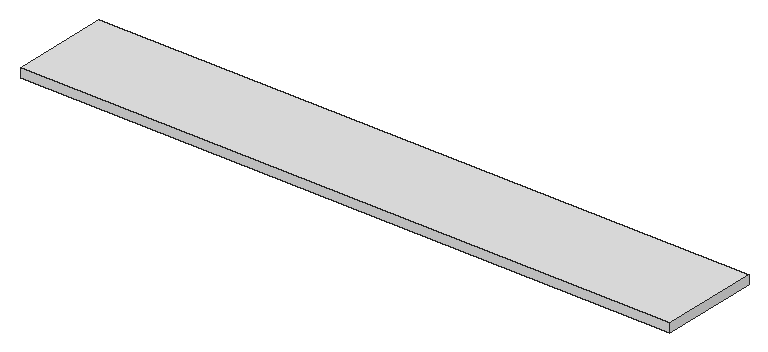
Revit family "11-TRIMBOARD-AND-STEALTH-TRIM-CADS-101-Trimboard-5-8x8-4-REVIT_Versatex-Generic-Model-5-8in-x-8in-TRIMBOARD", category Generic Models, host Face, Revit 2023
Family settings
  Host = Face
  Can host rebar = No
  Round Connector Dimension = Use Diameter
  Part Type = Normal
  Cut with Voids When Loaded = No
  Maintain Annotation Orientation = No
  Shared = No
  Room Calculation Point = No
Parameters
  Model = "TBSM/TR580818"
  Length = 4' - 0"
  Warranty = "https://versatex.com/warranty/"
  URL = "https://versatex.com/"
  Specification = "https://www.arcat.com/company/versatex-45716/spec?coid=45716"
  Sales Information = "https://versatex.com/dealer-locator/"
  Message Manufacturer = "https://versatex.com/contact/"
  Material = Versatex PVC - Smooth
  Manufacturer Website = "https://versatex.com/"
  Manufacturer Phone = "724-857-1111"
  Manufacturer Fax = "724-857-1171"
  Manufacturer Address = "400 Steel Street, Aliquippa, PA 15001"
  Manufacturer = "Versatex"
  Literature = "https://versatex.com/literature/?_sft_literature_category=cads"
  Description = "NOMINAL 5/8” x 8” TRIMBOARD"
  Default Elevation = 4' - 0"
  Copyright = "© 2024 VERSATEX Building Products, LLC"
Reference planes (in)
  plane 1 "Center (Front/Back)": y = 0
  plane 2: z = 0
  plane 3 "Center (Left/Right)": x = 0
  plane 4: x = 24
  plane 5: x = -24
Forms (in)
  Sweep 1, solid, material "Versatex PVC - Smooth" <- "Material"
    path origin (0, 0, 0) x (1, 0, 0) y (0, 1, 0)
      loop
        line (-24, 0) -> (24, 0)
    profile "Versatex_Profile_5-8” x 8” TRIMBOARD : Versatex_Profile_5-8” x 8” TRIMBOARD" origin (0, 0, 0) x (0, 1, 0) y (0, 0, 1)
      loop
        line (0, 0) -> (7.25, 0) -> (7.25, 0.625) -> (0, 0.625) -> (0, 0)
Dimensions and locks (in)
  "Length": plane 5 to plane 4
  equal spacing: plane 5, plane 3 "Center (Left/Right)", plane 4, locked at 24 each
  aligned and locked: plane 2 to host face
  aligned and locked: level to host face
Automatic sketch dimensions
  host sketch curve to host sketch curve = 8' - 0"  (x2)
  plane 1 "Center (Front/Back)" to Sweep 1 sketch curve = 0' - 0"
  Sweep 1 sketch curve to plane 5 = 0' - 0"
  Sweep 1 sketch curve to plane 4 = 0' - 0"
